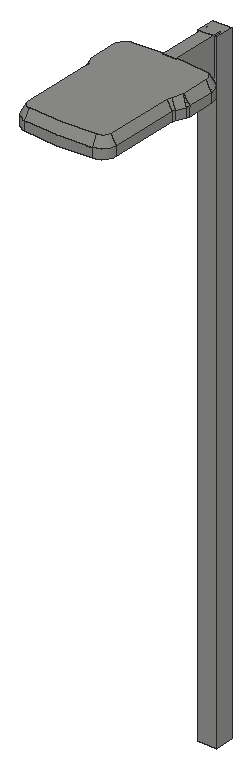
Revit family "VP-4-ADU", category Lighting Fixtures, host Face, Revit 2019 (continued)
Definition of nested family "SIZE4-ADU"
  Forms (in)
    Extrusion 49, solid, material <- "Glass"
      sketch origin (0.375, 0, -11.375) x (1, 0, 0) y (0, 0, 1)
        loop
          circle (-4.88455, 32.33694) r 0.15
        loop
          circle (-4.3658, 32.33694) r 0.15
        loop
          circle (-3.84705, 32.33694) r 0.15
        loop
          circle (-3.32831, 32.33694) r 0.15
        loop
          circle (-7.47829, 31.83694) r 0.15
        loop
          circle (-6.95955, 31.83694) r 0.15
        loop
          circle (-6.4408, 31.83694) r 0.15
        loop
          circle (-5.92205, 31.83694) r 0.15
        loop
          circle (-5.4033, 31.83694) r 0.15
        loop
          circle (-4.88455, 31.83694) r 0.15
        loop
          circle (-4.3658, 31.83694) r 0.15
        loop
          circle (-3.84705, 31.83694) r 0.15
        loop
          circle (-3.32831, 31.83694) r 0.15
        loop
          circle (-7.47829, 31.33694) r 0.15
        loop
          circle (-6.95955, 31.33694) r 0.15
        loop
          circle (-6.4408, 31.33694) r 0.15
        loop
          circle (-5.92205, 31.33694) r 0.15
        loop
          circle (-5.4033, 31.33694) r 0.15
        loop
          circle (-4.88455, 31.33694) r 0.15
        loop
          circle (-4.3658, 31.33694) r 0.15
        loop
          circle (-3.84705, 31.33694) r 0.15
        loop
          circle (-3.32831, 31.33694) r 0.15
        loop
          circle (-7.47829, 30.83694) r 0.15
        loop
          circle (-6.95955, 30.83694) r 0.15
        loop
          circle (-6.4408, 30.83694) r 0.15
        loop
          circle (-5.92205, 30.83694) r 0.15
        loop
          circle (-5.4033, 30.83694) r 0.15
        loop
          circle (-4.88455, 30.83694) r 0.15
        loop
          circle (-4.3658, 30.83694) r 0.15
        loop
          circle (-3.84705, 30.83694) r 0.15
        loop
          circle (-3.32831, 30.83694) r 0.15
        loop
          circle (-7.47829, 30.33694) r 0.15
        loop
          circle (-6.95955, 30.33694) r 0.15
        loop
          circle (-6.4408, 30.33694) r 0.15
        loop
          circle (-5.92205, 30.33694) r 0.15
        loop
          circle (-5.4033, 30.33694) r 0.15
        loop
          circle (-4.88455, 30.33694) r 0.15
        loop
          circle (-4.3658, 30.33694) r 0.15
        loop
          circle (-3.84705, 30.33694) r 0.15
        loop
          circle (-3.32831, 30.33694) r 0.15
        loop
          circle (-7.47829, 29.83694) r 0.15
        loop
          circle (-6.95955, 29.83694) r 0.15
        loop
          circle (-6.4408, 29.83694) r 0.15
        loop
          circle (-5.92205, 29.83694) r 0.15
        loop
          circle (-5.4033, 29.83694) r 0.15
        loop
          circle (-4.88455, 29.83694) r 0.15
        loop
          circle (-4.3658, 29.83694) r 0.15
        loop
          circle (-3.84705, 29.83694) r 0.15
        loop
          circle (-3.32831, 29.83694) r 0.15
        loop
          circle (-7.47829, 29.33694) r 0.15
        loop
          circle (-6.95955, 29.33694) r 0.15
        loop
          circle (-6.4408, 29.33694) r 0.15
        loop
          circle (-5.92205, 29.33694) r 0.15
        loop
          circle (-5.4033, 29.33694) r 0.15
        loop
          circle (-4.88455, 29.33694) r 0.15
        loop
          circle (-4.3658, 29.33694) r 0.15
        loop
          circle (-3.84705, 29.33694) r 0.15
        loop
          circle (-3.32831, 29.33694) r 0.15
        loop
          circle (-7.47829, 28.83694) r 0.15
        loop
          circle (-6.95955, 28.83694) r 0.15
        loop
          circle (-6.4408, 28.83694) r 0.15
        loop
          circle (-5.92205, 28.83694) r 0.15
        loop
          circle (-5.4033, 28.83694) r 0.15
        loop
          circle (-4.88455, 28.83694) r 0.15
        loop
          circle (-4.3658, 28.83694) r 0.15
        loop
          circle (-3.84705, 28.83694) r 0.15
        loop
          circle (-3.32831, 28.83694) r 0.15
        loop
          circle (-7.47829, 28.33694) r 0.15
        loop
          circle (-6.95955, 28.33694) r 0.15
        loop
          circle (-6.4408, 28.33694) r 0.15
        loop
          circle (-5.92205, 28.33694) r 0.15
        loop
          circle (-5.4033, 28.33694) r 0.15
        loop
          circle (-4.88455, 28.33694) r 0.15
        loop
          circle (-4.3658, 28.33694) r 0.15
        loop
          circle (-3.84705, 28.33694) r 0.15
        loop
          circle (-3.32831, 28.33694) r 0.15
      from 1.35 to 1.4
    Extrusion 50, solid, material <- "Glass"
      sketch origin (0, 0, -11.375) x (1, 0, 0) y (0, 0, 1)
        loop
          arc (-7.16655, 32.8409) -> (-7.34333, 32.76768) -> (-7.41655, 32.5909) r 0.25
          line (-7.41655, 32.5909) -> (-7.41655, 28.0909)
          arc (-7.41655, 28.0909) -> (-7.34333, 27.91412) -> (-7.16655, 27.8409) r 0.25
          line (-7.16655, 27.8409) -> (-2.81123, 27.8409)
          arc (-2.81123, 27.8409) -> (-2.63446, 27.91412) -> (-2.56123, 28.0909) r 0.25
          line (-2.56123, 28.0909) -> (-2.56123, 32.5909)
          arc (-2.56123, 32.5909) -> (-2.63446, 32.76768) -> (-2.81123, 32.8409) r 0.25
          line (-2.81123, 32.8409) -> (-7.16655, 32.8409)
      from 1.35 to 1.37213
    Extrusion 51, solid, material <- "Glass"
      sketch origin (-0.375, 0, -11.375) x (-1, 0, 0) y (0, 0, -1)
        loop
          circle (-7.47829, -32.33694) r 0.15
        loop
          circle (-6.95955, -32.33694) r 0.15
        loop
          circle (-6.4408, -32.33694) r 0.15
        loop
          circle (-5.92205, -32.33694) r 0.15
        loop
          circle (-5.4033, -32.33694) r 0.15
        loop
          circle (-4.88455, -32.33694) r 0.15
        loop
          circle (-4.3658, -32.33694) r 0.15
        loop
          circle (-3.84705, -32.33694) r 0.15
        loop
          circle (-3.32831, -32.33694) r 0.15
        loop
          circle (-7.47829, -31.83694) r 0.15
        loop
          circle (-6.95955, -31.83694) r 0.15
        loop
          circle (-6.4408, -31.83694) r 0.15
        loop
          circle (-5.92205, -31.83694) r 0.15
        loop
          circle (-5.4033, -31.83694) r 0.15
        loop
          circle (-4.88455, -31.83694) r 0.15
        loop
          circle (-4.3658, -31.83694) r 0.15
        loop
          circle (-3.84705, -31.83694) r 0.15
        loop
          circle (-3.32831, -31.83694) r 0.15
        loop
          circle (-7.47829, -31.33694) r 0.15
        loop
          circle (-6.95955, -31.33694) r 0.15
        loop
          circle (-6.4408, -31.33694) r 0.15
        loop
          circle (-5.92205, -31.33694) r 0.15
        loop
          circle (-5.4033, -31.33694) r 0.15
        loop
          circle (-4.88455, -31.33694) r 0.15
        loop
          circle (-4.3658, -31.33694) r 0.15
        loop
          circle (-3.84705, -31.33694) r 0.15
        loop
          circle (-3.32831, -31.33694) r 0.15
        loop
          circle (-7.47829, -30.83694) r 0.15
        loop
          circle (-6.95955, -30.83694) r 0.15
        loop
          circle (-6.4408, -30.83694) r 0.15
        loop
          circle (-5.92205, -30.83694) r 0.15
        loop
          circle (-5.4033, -30.83694) r 0.15
        loop
          circle (-4.88455, -30.83694) r 0.15
        loop
          circle (-4.3658, -30.83694) r 0.15
        loop
          circle (-3.84705, -30.83694) r 0.15
        loop
          circle (-3.32831, -30.83694) r 0.15
        loop
          circle (-7.47829, -30.33694) r 0.15
        loop
          circle (-6.95955, -30.33694) r 0.15
        loop
          circle (-6.4408, -30.33694) r 0.15
        loop
          circle (-5.92205, -30.33694) r 0.15
        loop
          circle (-5.4033, -30.33694) r 0.15
        loop
          circle (-4.88455, -30.33694) r 0.15
        loop
          circle (-4.3658, -30.33694) r 0.15
        loop
          circle (-3.84705, -30.33694) r 0.15
        loop
          circle (-3.32831, -30.33694) r 0.15
        loop
          circle (-7.47829, -29.83694) r 0.15
        loop
          circle (-6.95955, -29.83694) r 0.15
        loop
          circle (-6.4408, -29.83694) r 0.15
        loop
          circle (-5.92205, -29.83694) r 0.15
        loop
          circle (-5.4033, -29.83694) r 0.15
        loop
          circle (-4.88455, -29.83694) r 0.15
        loop
          circle (-4.3658, -29.83694) r 0.15
        loop
          circle (-3.84705, -29.83694) r 0.15
        loop
          circle (-3.32831, -29.83694) r 0.15
        loop
          circle (-7.47829, -29.33694) r 0.15
        loop
          circle (-6.95955, -29.33694) r 0.15
        loop
          circle (-6.4408, -29.33694) r 0.15
        loop
          circle (-5.92205, -29.33694) r 0.15
        loop
          circle (-5.4033, -29.33694) r 0.15
        loop
          circle (-4.88455, -29.33694) r 0.15
        loop
          circle (-4.3658, -29.33694) r 0.15
        loop
          circle (-3.84705, -29.33694) r 0.15
        loop
          circle (-3.32831, -29.33694) r 0.15
        loop
          circle (-7.47829, -28.83694) r 0.15
        loop
          circle (-6.95955, -28.83694) r 0.15
        loop
          circle (-6.4408, -28.83694) r 0.15
        loop
          circle (-5.92205, -28.83694) r 0.15
        loop
          circle (-5.4033, -28.83694) r 0.15
        loop
          circle (-4.88455, -28.83694) r 0.15
        loop
          circle (-4.3658, -28.83694) r 0.15
        loop
          circle (-3.84705, -28.83694) r 0.15
        loop
          circle (-3.32831, -28.83694) r 0.15
        loop
          circle (-7.47829, -28.33694) r 0.15
        loop
          circle (-6.95955, -28.33694) r 0.15
        loop
          circle (-6.4408, -28.33694) r 0.15
        loop
          circle (-5.92205, -28.33694) r 0.15
        loop
          circle (-5.4033, -28.33694) r 0.15
        loop
          circle (-4.88455, -28.33694) r 0.15
        loop
          circle (-4.3658, -28.33694) r 0.15
        loop
          circle (-3.84705, -28.33694) r 0.15
        loop
          circle (-3.32831, -28.33694) r 0.15
      from 1.35 to 1.4
    Extrusion 52, solid, material <- "Glass"
      sketch origin (0, 0, -11.375) x (-1, 0, 0) y (0, 0, -1)
        loop
          line (-7.16655, -32.8409) -> (-2.84181, -32.8409)
          arc (-2.84181, -32.8409) -> (-2.66504, -32.76768) -> (-2.59181, -32.5909) r 0.25
          line (-2.59181, -32.5909) -> (-2.59181, -28.0909)
          arc (-2.59181, -28.0909) -> (-2.66504, -27.91412) -> (-2.84181, -27.8409) r 0.25
          line (-2.84181, -27.8409) -> (-7.16655, -27.8409)
          arc (-7.16655, -27.8409) -> (-7.34333, -27.91412) -> (-7.41655, -28.0909) r 0.25
          line (-7.41655, -28.0909) -> (-7.41655, -32.5909)
          arc (-7.41655, -32.5909) -> (-7.34333, -32.76768) -> (-7.16655, -32.8409) r 0.25
      from 1.35 to 1.37213
    Extrusion 53, solid, material <- "Glass"
      sketch origin (-5.375, 0, -11.375) x (-1, 0, 0) y (0, 0, -1)
        loop
          circle (-7.47829, -32.33694) r 0.15
        loop
          circle (-6.95955, -32.33694) r 0.15
        loop
          circle (-6.4408, -32.33694) r 0.15
        loop
          circle (-5.92205, -32.33694) r 0.15
        loop
          circle (-5.4033, -32.33694) r 0.15
        loop
          circle (-4.88455, -32.33694) r 0.15
        loop
          circle (-4.3658, -32.33694) r 0.15
        loop
          circle (-3.84705, -32.33694) r 0.15
        loop
          circle (-3.32831, -32.33694) r 0.15
        loop
          circle (-7.47829, -31.83694) r 0.15
        loop
          circle (-6.95955, -31.83694) r 0.15
        loop
          circle (-6.4408, -31.83694) r 0.15
        loop
          circle (-5.92205, -31.83694) r 0.15
        loop
          circle (-5.4033, -31.83694) r 0.15
        loop
          circle (-4.88455, -31.83694) r 0.15
        loop
          circle (-4.3658, -31.83694) r 0.15
        loop
          circle (-3.84705, -31.83694) r 0.15
        loop
          circle (-3.32831, -31.83694) r 0.15
        loop
          circle (-7.47829, -31.33694) r 0.15
        loop
          circle (-6.95955, -31.33694) r 0.15
        loop
          circle (-6.4408, -31.33694) r 0.15
        loop
          circle (-5.92205, -31.33694) r 0.15
        loop
          circle (-5.4033, -31.33694) r 0.15
        loop
          circle (-4.88455, -31.33694) r 0.15
        loop
          circle (-4.3658, -31.33694) r 0.15
        loop
          circle (-3.84705, -31.33694) r 0.15
        loop
          circle (-3.32831, -31.33694) r 0.15
        loop
          circle (-7.47829, -30.83694) r 0.15
        loop
          circle (-6.95955, -30.83694) r 0.15
        loop
          circle (-6.4408, -30.83694) r 0.15
        loop
          circle (-5.92205, -30.83694) r 0.15
        loop
          circle (-5.4033, -30.83694) r 0.15
        loop
          circle (-4.88455, -30.83694) r 0.15
        loop
          circle (-4.3658, -30.83694) r 0.15
        loop
          circle (-3.84705, -30.83694) r 0.15
        loop
          circle (-3.32831, -30.83694) r 0.15
        loop
          circle (-7.47829, -30.33694) r 0.15
        loop
          circle (-6.95955, -30.33694) r 0.15
        loop
          circle (-6.4408, -30.33694) r 0.15
        loop
          circle (-5.92205, -30.33694) r 0.15
        loop
          circle (-5.4033, -30.33694) r 0.15
        loop
          circle (-4.88455, -30.33694) r 0.15
        loop
          circle (-4.3658, -30.33694) r 0.15
        loop
          circle (-3.84705, -30.33694) r 0.15
        loop
          circle (-3.32831, -30.33694) r 0.15
        loop
          circle (-7.47829, -29.83694) r 0.15
        loop
          circle (-6.95955, -29.83694) r 0.15
        loop
          circle (-6.4408, -29.83694) r 0.15
        loop
          circle (-5.92205, -29.83694) r 0.15
        loop
          circle (-5.4033, -29.83694) r 0.15
        loop
          circle (-4.88455, -29.83694) r 0.15
        loop
          circle (-4.3658, -29.83694) r 0.15
        loop
          circle (-3.84705, -29.83694) r 0.15
        loop
          circle (-3.32831, -29.83694) r 0.15
        loop
          circle (-7.47829, -29.33694) r 0.15
        loop
          circle (-6.95955, -29.33694) r 0.15
        loop
          circle (-6.4408, -29.33694) r 0.15
        loop
          circle (-5.92205, -29.33694) r 0.15
        loop
          circle (-5.4033, -29.33694) r 0.15
        loop
          circle (-4.88455, -29.33694) r 0.15
        loop
          circle (-4.3658, -29.33694) r 0.15
        loop
          circle (-3.84705, -29.33694) r 0.15
        loop
          circle (-3.32831, -29.33694) r 0.15
        loop
          circle (-7.47829, -28.83694) r 0.15
        loop
          circle (-6.95955, -28.83694) r 0.15
        loop
          circle (-6.4408, -28.83694) r 0.15
        loop
          circle (-5.92205, -28.83694) r 0.15
        loop
          circle (-5.4033, -28.83694) r 0.15
        loop
          circle (-4.88455, -28.83694) r 0.15
        loop
          circle (-4.3658, -28.83694) r 0.15
        loop
          circle (-3.84705, -28.83694) r 0.15
        loop
          circle (-3.32831, -28.83694) r 0.15
        loop
          circle (-7.47829, -28.33694) r 0.15
        loop
          circle (-6.95955, -28.33694) r 0.15
        loop
          circle (-6.4408, -28.33694) r 0.15
        loop
          circle (-5.92205, -28.33694) r 0.15
        loop
          circle (-5.4033, -28.33694) r 0.15
        loop
          circle (-4.88455, -28.33694) r 0.15
        loop
          circle (-4.3658, -28.33694) r 0.15
        loop
          circle (-3.84705, -28.33694) r 0.15
        loop
          circle (-3.32831, -28.33694) r 0.15
      from 1.35 to 1.4
    Extrusion 54, solid, material <- "Glass"
      sketch origin (-5, 0, -11.375) x (-1, 0, 0) y (0, 0, -1)
        loop
          line (-7.16655, -32.8409) -> (-2.84181, -32.8409)
          arc (-2.84181, -32.8409) -> (-2.66504, -32.76768) -> (-2.59181, -32.5909) r 0.25
          line (-2.59181, -32.5909) -> (-2.59181, -28.0909)
          arc (-2.59181, -28.0909) -> (-2.66504, -27.91412) -> (-2.84181, -27.8409) r 0.25
          line (-2.84181, -27.8409) -> (-7.16655, -27.8409)
          arc (-7.16655, -27.8409) -> (-7.34333, -27.91412) -> (-7.41655, -28.0909) r 0.25
          line (-7.41655, -28.0909) -> (-7.41655, -32.5909)
          arc (-7.41655, -32.5909) -> (-7.34333, -32.76768) -> (-7.16655, -32.8409) r 0.25
      from 1.35 to 1.37213
    Extrusion 55, solid, material <- "Fixture"
      sketch origin (0.125, 0, 2.5) x (1, 0, 0) y (0, 0, 1)
        loop
          arc (8.61601, 29.87811) -> (7.91353, 31.61742) -> (6.20018, 32.38102) r 2.50448
          arc (6.20018, 32.38102) -> (-0.18326, 32.81078) -> (-6.56625, 32.37421) r 47.24839
          arc (-6.56625, 32.37421) -> (-8.20342, 31.57512) -> (-8.86601, 29.87811) r 2.50448
          line (-8.86601, 29.87811) -> (-8.86601, 16.83541)
          arc (-8.86601, 16.83541) -> (-8.89448, 16.52871) -> (-8.97892, 16.2325) r 1.66606
          line (-8.97892, 16.2325) -> (-9.6766, 14.43524)
          arc (-9.6766, 14.43524) -> (-9.74427, 14.21755) -> (-9.78142, 13.99263) r 1.65645
          line (-9.78142, 13.99263) -> (-9.78142, 8.65741)
          arc (-9.78142, 8.65741) -> (-8.97209, 6.60779) -> (-6.98078, 5.66404) r 3
          arc (-6.98078, 5.66404) -> (0.01001, 4.99965) -> (7.00057, 5.66642) r 37.04471
          arc (7.00057, 5.66642) -> (8.81758, 6.67941) -> (9.53886, 8.63067) r 3
          line (9.53886, 8.63067) -> (9.53886, 13.83581)
          arc (9.53886, 13.83581) -> (9.51055, 14.14073) -> (9.4266, 14.43524) r 1.65645
          line (9.4266, 14.43524) -> (8.72892, 16.2325)
          arc (8.72892, 16.2325) -> (8.64448, 16.52871) -> (8.61601, 16.83541) r 1.66606
          line (8.61601, 16.83541) -> (8.61601, 29.87811)
      from 0 to 1.74
    Blend 56, solid, material <- "Fixture"
      base sketch origin (0, 0, 0) x (1, 0, 0) y (0, 0, 1)
        loop
          arc (-9.5516, 16.93524) -> (-9.61927, 16.71755) -> (-9.65642, 16.49263) r 1.65645
          line (-9.65642, 16.49263) -> (-9.65642, 11.15741)
          arc (-9.65642, 11.15741) -> (-8.84709, 9.10779) -> (-6.85578, 8.16404) r 3
          arc (-6.85578, 8.16404) -> (0.13501, 7.49965) -> (7.12557, 8.16642) r 37.04471
          arc (7.12557, 8.16642) -> (8.94258, 9.17941) -> (9.66386, 11.13067) r 3
          line (9.66386, 11.13067) -> (9.66386, 16.33581)
          arc (9.66386, 16.33581) -> (9.63555, 16.64073) -> (9.5516, 16.93524) r 1.65645
          line (9.5516, 16.93524) -> (8.85392, 18.7325)
          arc (8.85392, 18.7325) -> (8.76948, 19.02871) -> (8.74101, 19.33541) r 1.66606
          line (8.74101, 19.33541) -> (8.74101, 32.37811)
          arc (8.74101, 32.37811) -> (8.03853, 34.11742) -> (6.32518, 34.88102) r 2.50448
          arc (6.32518, 34.88102) -> (-0.05826, 35.31078) -> (-6.44125, 34.87421) r 47.24839
          arc (-6.44125, 34.87421) -> (-8.07842, 34.07512) -> (-8.74101, 32.37811) r 2.50448
          line (-8.74101, 32.37811) -> (-8.74101, 19.33541)
          arc (-8.74101, 19.33541) -> (-8.76948, 19.02871) -> (-8.85392, 18.7325) r 1.66606
          line (-8.85392, 18.7325) -> (-9.5516, 16.93524)
      top sketch origin (0, 0, 0) x (1, 0, 0) y (0, 0, 1)
        loop
          line (-8.65642, 16.43436) -> (-8.65642, 11.15741)
          arc (-8.65642, 11.15741) -> (-8.09764, 9.77073) -> (-6.73353, 9.1589) r 2
          arc (-6.73353, 9.1589) -> (0.1108, 8.49965) -> (6.95577, 9.15209) r 36.04471
          arc (6.95577, 9.15209) -> (8.17777, 9.82373) -> (8.66386, 11.13067) r 2
          line (8.66386, 11.13067) -> (8.66386, 16.33581)
          arc (8.66386, 16.33581) -> (8.65264, 16.45665) -> (8.61937, 16.57336) r 0.65645
          line (8.61937, 16.57336) -> (7.9217, 18.37062)
          arc (7.9217, 18.37062) -> (7.78657, 18.84463) -> (7.74101, 19.33541) r 2.66606
          line (7.74101, 19.33541) -> (7.74101, 32.37811)
          arc (7.74101, 32.37811) -> (7.3037, 33.43858) -> (6.246, 33.88256) r 1.50448
          arc (6.246, 33.88256) -> (-0.04498, 34.31079) -> (-6.33575, 33.87932) r 46.24839
          arc (-6.33575, 33.87932) -> (-7.33487, 33.40626) -> (-7.74101, 32.37811) r 1.50448
          line (-7.74101, 32.37811) -> (-7.74101, 19.33541)
          arc (-7.74101, 19.33541) -> (-7.78657, 18.84463) -> (-7.9217, 18.37062) r 2.66606
          line (-7.9217, 18.37062) -> (-8.61937, 16.57336)
          arc (-8.61937, 16.57336) -> (-8.64172, 16.50488) -> (-8.65642, 16.43436) r 0.65645
      from 0 to -1.74
    Extrusion 57, solid, material <- "Fixture"
      sketch origin (0, 0, 0) x (0, 1, 0) y (0, 0, 1)
        loop
          line (1.74, 8.94049) -> (-1.74, 8.94049) -> (-1.74, 5.73801)
          arc (-1.74, 5.73801) -> (-1.91356, 4.61037) -> (-2.41818, 3.5871) r 3.75
          line (-2.41818, 3.5871) -> (-5.31007, 1.22439)
          arc (-5.31007, 1.22439) -> (-5.39997, 1.10958) -> (-5.432, 0.96732) r 0.33196
          line (-5.432, 0.96732) -> (-5.432, -1.406) -> (-2.86955, -1.406) -> (1.74, -1.406) -> (1.74, 8.94049)
      from -1.24 to 1.24
  Cuts and joins
    Extrusion 2, Extrusion 40 cuts Extrusion 55
    joined: Extrusion 55, Extrusion 57
  Dimensions and locks (in)
    equal spacing: plane 4, plane 3 "Center (Left/Right)", plane 5
    "Width": plane 4 to plane 5
    "Length": plane 7 to plane 6
    "Mount Length": plane 6 to plane 2
    aligned and locked: plane 2 to Extrusion 1
    aligned and locked: level to Extrusion 1
  Automatic sketch dimensions
    Extrusion 1 sketch curve to Extrusion 1 sketch curve = 96.00"  (x2)
    plane 5 to Extrusion 2 sketch curve = 1.40392"
    plane 3 "Center (Left/Right)" to Extrusion 2 sketch curve = 0.06506"
    Extrusion 2 sketch curve to plane 4 = 1.25"
    Extrusion 2 sketch curve to level = 39.4018"
    plane 6 to Extrusion 2 sketch curve = 7.65635"
    Extrusion 2 sketch curve to plane 7 = 2.31818"
    plane 5 to Extrusion 3 sketch curve = 2.15013"
    Extrusion 3 sketch curve to Extrusion 3 sketch curve = 0.35"  (x3)
    Extrusion 3 sketch curve to plane 4 = 2.50013"  (x2)
    Extrusion 3 sketch curve to plane 7 = 8.31818"
    Extrusion 3 sketch curve to plane 7 = 3.16818"
    plane 5 to Extrusion 4 sketch curve = 2.70671"
    Extrusion 4 sketch curve to Extrusion 4 sketch curve = 0.00"  (x61)
    Extrusion 4 sketch curve to Extrusion 4 sketch curve = 0.51875"  (x27)
    Extrusion 4 sketch curve to plane 7 = 7.51806"
    Extrusion 4 sketch curve to Extrusion 4 sketch curve = 0.50"  (x72)
    plane 5 to Extrusion 5 sketch curve = 2.39345"
    Extrusion 5 sketch curve to Extrusion 5 sketch curve = 0.25"  (x3)
    Extrusion 5 sketch curve to plane 3 "Center (Left/Right)" = 2.81123"  (x2)
    Extrusion 5 sketch curve to plane 7 = 8.0141"
    Extrusion 5 sketch curve to plane 7 = 3.2641"
    Extrusion 6 sketch curve to plane 4 = 2.12307"
    Extrusion 6 sketch curve to plane 8 = 0.46661"
    Extrusion 6 sketch curve to Extrusion 6 sketch curve = 0.02618"
    Extrusion 6 sketch curve to Extrusion 6 sketch curve = 0.1119"
    Extrusion 6 sketch curve to plane 8 = 0.03691"
    Extrusion 6 sketch curve to Extrusion 6 sketch curve = 0.36056"
    Extrusion 6 sketch curve to plane 8 = 0.00781"
    Extrusion 6 sketch curve to Extrusion 6 sketch curve = 0.06241"
    Extrusion 6 sketch curve to Extrusion 6 sketch curve = 0.42393"
    Extrusion 6 sketch curve to Extrusion 6 sketch curve = 0.73219"
    plane 4 to Extrusion 7 sketch curve = 2.70671"
    Extrusion 7 sketch curve to Extrusion 7 sketch curve = 0.00"  (x61)
    Extrusion 7 sketch curve to Extrusion 7 sketch curve = 0.51875"  (x27)
    plane 7 to Extrusion 7 sketch curve = 7.51806"
    Extrusion 7 sketch curve to Extrusion 7 sketch curve = 0.50"  (x72)
    plane 4 to Extrusion 8 sketch curve = 2.39345"
    Extrusion 8 sketch curve to Extrusion 8 sketch curve = 0.25"  (x3)
    Extrusion 8 sketch curve to plane 3 "Center (Left/Right)" = 2.84181"  (x2)
    plane 7 to Extrusion 8 sketch curve = 8.0141"
    plane 7 to Extrusion 8 sketch curve = 3.2641"
    plane 5 to Extrusion 9 sketch curve = 2.15013"
    Extrusion 9 sketch curve to Extrusion 9 sketch curve = 0.35"  (x3)
    Extrusion 9 sketch curve to plane 4 = 2.50013"  (x2)
    Extrusion 9 sketch curve to plane 7 = 13.81818"
    Extrusion 9 sketch curve to Extrusion 9 sketch curve = 4.80"
    Extrusion 10 sketch curve to plane 5 = 2.15013"
    Extrusion 10 sketch curve to Extrusion 10 sketch curve = 0.35"  (x3)
    plane 4 to Extrusion 10 sketch curve = 2.50013"  (x2)
    plane 7 to Extrusion 10 sketch curve = 13.81818"
    Extrusion 10 sketch curve to Extrusion 10 sketch curve = 4.80"
    Extrusion 11 sketch curve to plane 4 = 2.12307"
    Extrusion 11 sketch curve to plane 8 = 0.46661"
    Extrusion 11 sketch curve to Extrusion 11 sketch curve = 0.02618"
    Extrusion 11 sketch curve to Extrusion 11 sketch curve = 0.1119"
    Extrusion 11 sketch curve to plane 8 = 0.03691"
    Extrusion 11 sketch curve to Extrusion 11 sketch curve = 0.36056"
    Extrusion 11 sketch curve to plane 8 = 0.00781"
    Extrusion 11 sketch curve to Extrusion 11 sketch curve = 0.06241"
    Extrusion 11 sketch curve to Extrusion 11 sketch curve = 0.42393"
    Extrusion 11 sketch curve to Extrusion 11 sketch curve = 0.73219"
    Extrusion 12 sketch curve to plane 4 = 2.12307"
    Extrusion 12 sketch curve to plane 8 = 0.46661"
    Extrusion 12 sketch curve to Extrusion 12 sketch curve = 0.02618"
    Extrusion 12 sketch curve to Extrusion 12 sketch curve = 0.1119"
    Extrusion 12 sketch curve to plane 8 = 0.03691"
    Extrusion 12 sketch curve to Extrusion 12 sketch curve = 0.36056"
    Extrusion 12 sketch curve to plane 8 = 0.00781"
    Extrusion 12 sketch curve to Extrusion 12 sketch curve = 0.06241"
    Extrusion 12 sketch curve to Extrusion 12 sketch curve = 0.42393"
    Extrusion 12 sketch curve to Extrusion 12 sketch curve = 0.73219"
    Extrusion 13 sketch curve to plane 4 = 2.12307"
    Extrusion 13 sketch curve to plane 8 = 0.46661"
    Extrusion 13 sketch curve to Extrusion 13 sketch curve = 0.02618"
    Extrusion 13 sketch curve to Extrusion 13 sketch curve = 0.08572"
    Extrusion 13 sketch curve to plane 8 = 0.03691"
    Extrusion 13 sketch curve to Extrusion 13 sketch curve = 0.36056"
    Extrusion 13 sketch curve to plane 8 = 0.00781"
    Extrusion 13 sketch curve to Extrusion 13 sketch curve = 0.06241"
    Extrusion 13 sketch curve to Extrusion 13 sketch curve = 0.42393"
    Extrusion 13 sketch curve to Extrusion 13 sketch curve = 0.73219"
    Extrusion 14 sketch curve to plane 4 = 2.12307"
    Extrusion 14 sketch curve to plane 8 = 0.46661"
    Extrusion 14 sketch curve to Extrusion 14 sketch curve = 0.02618"
    Extrusion 14 sketch curve to Extrusion 14 sketch curve = 0.1119"
    Extrusion 14 sketch curve to plane 8 = 0.03691"
    Extrusion 14 sketch curve to Extrusion 14 sketch curve = 0.36056"
    Extrusion 14 sketch curve to plane 8 = 0.00781"
    Extrusion 14 sketch curve to Extrusion 14 sketch curve = 0.06241"
    Extrusion 14 sketch curve to Extrusion 14 sketch curve = 0.42393"
    Extrusion 14 sketch curve to Extrusion 14 sketch curve = 0.73219"
    Extrusion 15 sketch curve to plane 4 = 2.12307"
    Extrusion 15 sketch curve to plane 8 = 0.46661"
    Extrusion 15 sketch curve to Extrusion 15 sketch curve = 0.02618"
    Extrusion 15 sketch curve to Extrusion 15 sketch curve = 0.1119"
    Extrusion 15 sketch curve to plane 8 = 0.03691"
    Extrusion 15 sketch curve to Extrusion 15 sketch curve = 0.36056"
    Extrusion 15 sketch curve to plane 8 = 0.00781"
    Extrusion 15 sketch curve to Extrusion 15 sketch curve = 0.06241"
    Extrusion 15 sketch curve to Extrusion 15 sketch curve = 0.42393"
    Extrusion 15 sketch curve to Extrusion 15 sketch curve = 0.73219"
    Extrusion 16 sketch curve to plane 4 = 2.12307"
    Extrusion 16 sketch curve to plane 8 = 0.46661"
    Extrusion 16 sketch curve to Extrusion 16 sketch curve = 0.02618"
    Extrusion 16 sketch curve to Extrusion 16 sketch curve = 0.1119"
    Extrusion 16 sketch curve to plane 8 = 0.03691"
    Extrusion 16 sketch curve to Extrusion 16 sketch curve = 0.36056"
    Extrusion 16 sketch curve to plane 8 = 0.00781"
    Extrusion 16 sketch curve to Extrusion 16 sketch curve = 0.06241"
    Extrusion 16 sketch curve to Extrusion 16 sketch curve = 0.42393"
    Extrusion 16 sketch curve to Extrusion 16 sketch curve = 0.73219"
    Extrusion 17 sketch curve to plane 4 = 2.12307"
    Extrusion 17 sketch curve to plane 8 = 0.46661"
    Extrusion 17 sketch curve to Extrusion 17 sketch curve = 0.02618"
    Extrusion 17 sketch curve to Extrusion 17 sketch curve = 0.1119"
    Extrusion 17 sketch curve to plane 8 = 0.03691"
    Extrusion 17 sketch curve to Extrusion 17 sketch curve = 0.36056"
    Extrusion 17 sketch curve to plane 8 = 0.00781"
    Extrusion 17 sketch curve to Extrusion 17 sketch curve = 0.06241"
    Extrusion 17 sketch curve to Extrusion 17 sketch curve = 0.42393"
    Extrusion 17 sketch curve to Extrusion 17 sketch curve = 0.73219"
    Extrusion 18 sketch curve to plane 4 = 2.12307"
    Extrusion 18 sketch curve to plane 8 = 0.46661"
    Extrusion 18 sketch curve to Extrusion 18 sketch curve = 0.02618"
    Extrusion 18 sketch curve to Extrusion 18 sketch curve = 0.1119"
    Extrusion 18 sketch curve to plane 8 = 0.03691"
    Extrusion 18 sketch curve to Extrusion 18 sketch curve = 0.36056"
    Extrusion 18 sketch curve to plane 8 = 0.00781"
    Extrusion 18 sketch curve to Extrusion 18 sketch curve = 0.06241"
    Extrusion 18 sketch curve to Extrusion 18 sketch curve = 0.42393"
    Extrusion 18 sketch curve to Extrusion 18 sketch curve = 0.73219"
    Extrusion 19 sketch curve to plane 4 = 2.12307"
    Extrusion 19 sketch curve to plane 8 = 0.46661"
    Extrusion 19 sketch curve to Extrusion 19 sketch curve = 0.02618"
    Extrusion 19 sketch curve to Extrusion 19 sketch curve = 0.1119"
    Extrusion 19 sketch curve to plane 8 = 0.03691"
    Extrusion 19 sketch curve to Extrusion 19 sketch curve = 0.36056"
    Extrusion 19 sketch curve to plane 8 = 0.00781"
    Extrusion 19 sketch curve to Extrusion 19 sketch curve = 0.06241"
    Extrusion 19 sketch curve to Extrusion 19 sketch curve = 0.42393"
    Extrusion 19 sketch curve to Extrusion 19 sketch curve = 0.73219"
    Extrusion 20 sketch curve to plane 4 = 2.12307"
    Extrusion 20 sketch curve to plane 8 = 0.46661"
    Extrusion 20 sketch curve to Extrusion 20 sketch curve = 0.02618"
    Extrusion 20 sketch curve to Extrusion 20 sketch curve = 0.1119"
    Extrusion 20 sketch curve to plane 8 = 0.03691"
    Extrusion 20 sketch curve to Extrusion 20 sketch curve = 0.36056"
    Extrusion 20 sketch curve to plane 8 = 0.00781"
    Extrusion 20 sketch curve to Extrusion 20 sketch curve = 0.06241"
    Extrusion 20 sketch curve to Extrusion 20 sketch curve = 0.42393"
    Extrusion 20 sketch curve to Extrusion 20 sketch curve = 0.73219"
    Extrusion 21 sketch curve to plane 4 = 2.12307"
    Extrusion 21 sketch curve to plane 8 = 0.46661"
    Extrusion 21 sketch curve to Extrusion 21 sketch curve = 0.02618"
    Extrusion 21 sketch curve to Extrusion 21 sketch curve = 0.08572"
    Extrusion 21 sketch curve to plane 8 = 0.03691"
    Extrusion 21 sketch curve to Extrusion 21 sketch curve = 0.36056"
    Extrusion 21 sketch curve to plane 8 = 0.00781"
    Extrusion 21 sketch curve to Extrusion 21 sketch curve = 0.06241"
    Extrusion 21 sketch curve to Extrusion 21 sketch curve = 0.42393"
    Extrusion 21 sketch curve to Extrusion 21 sketch curve = 0.73219"
    Extrusion 22 sketch curve to plane 4 = 2.12307"
    Extrusion 22 sketch curve to plane 8 = 0.46661"
    Extrusion 22 sketch curve to Extrusion 22 sketch curve = 0.02618"
    Extrusion 22 sketch curve to Extrusion 22 sketch curve = 0.1119"
    Extrusion 22 sketch curve to plane 8 = 0.03691"
    Extrusion 22 sketch curve to Extrusion 22 sketch curve = 0.36056"
    Extrusion 22 sketch curve to plane 8 = 0.00781"
    Extrusion 22 sketch curve to Extrusion 22 sketch curve = 0.06241"
    Extrusion 22 sketch curve to Extrusion 22 sketch curve = 0.42393"
    Extrusion 22 sketch curve to Extrusion 22 sketch curve = 0.73219"
    Extrusion 23 sketch curve to plane 4 = 2.12307"
    Extrusion 23 sketch curve to plane 8 = 0.46661"
    Extrusion 23 sketch curve to Extrusion 23 sketch curve = 0.02618"
    Extrusion 23 sketch curve to Extrusion 23 sketch curve = 0.08572"
    Extrusion 23 sketch curve to plane 8 = 0.03691"
    Extrusion 23 sketch curve to Extrusion 23 sketch curve = 0.36056"
    Extrusion 23 sketch curve to plane 8 = 0.00781"
    Extrusion 23 sketch curve to Extrusion 23 sketch curve = 0.06241"
    Extrusion 23 sketch curve to Extrusion 23 sketch curve = 0.42393"
    Extrusion 23 sketch curve to Extrusion 23 sketch curve = 0.73219"
    Extrusion 24 sketch curve to plane 4 = 2.12307"
    Extrusion 24 sketch curve to plane 8 = 0.46661"
    Extrusion 24 sketch curve to Extrusion 24 sketch curve = 0.02618"
    Extrusion 24 sketch curve to Extrusion 24 sketch curve = 0.1119"
    Extrusion 24 sketch curve to plane 8 = 0.03691"
    Extrusion 24 sketch curve to Extrusion 24 sketch curve = 0.36056"
    Extrusion 24 sketch curve to plane 8 = 0.00781"
    Extrusion 24 sketch curve to Extrusion 24 sketch curve = 0.06241"
    Extrusion 24 sketch curve to Extrusion 24 sketch curve = 0.42393"
    Extrusion 24 sketch curve to Extrusion 24 sketch curve = 0.73219"
    plane 5 to Extrusion 25 sketch curve = 2.2012"
    Extrusion 25 sketch curve to plane 8 = 0.46661"
    Extrusion 25 sketch curve to Extrusion 25 sketch curve = 0.02618"
    Extrusion 25 sketch curve to Extrusion 25 sketch curve = 0.1119"
    Extrusion 25 sketch curve to plane 8 = 0.03691"
    Extrusion 25 sketch curve to Extrusion 25 sketch curve = 0.36056"
    Extrusion 25 sketch curve to plane 8 = 0.00781"
    Extrusion 25 sketch curve to Extrusion 25 sketch curve = 0.06241"
    Extrusion 25 sketch curve to Extrusion 25 sketch curve = 0.42393"
    Extrusion 25 sketch curve to Extrusion 25 sketch curve = 0.20146"
    plane 5 to Extrusion 26 sketch curve = 2.2012"
    Extrusion 26 sketch curve to plane 8 = 0.46661"
    Extrusion 26 sketch curve to Extrusion 26 sketch curve = 0.02618"
    Extrusion 26 sketch curve to Extrusion 26 sketch curve = 0.08572"
    Extrusion 26 sketch curve to plane 8 = 0.03691"
    Extrusion 26 sketch curve to Extrusion 26 sketch curve = 0.36056"
    Extrusion 26 sketch curve to plane 8 = 0.00781"
    Extrusion 26 sketch curve to Extrusion 26 sketch curve = 0.06241"
    Extrusion 26 sketch curve to Extrusion 26 sketch curve = 0.42393"
    Extrusion 26 sketch curve to Extrusion 26 sketch curve = 0.20146"
    plane 5 to Extrusion 27 sketch curve = 2.2012"
    Extrusion 27 sketch curve to plane 8 = 0.46661"
    Extrusion 27 sketch curve to Extrusion 27 sketch curve = 0.02618"
    Extrusion 27 sketch curve to Extrusion 27 sketch curve = 0.08572"
    Extrusion 27 sketch curve to plane 8 = 0.03691"
    Extrusion 27 sketch curve to Extrusion 27 sketch curve = 0.36056"
    Extrusion 27 sketch curve to plane 8 = 0.00781"
    Extrusion 27 sketch curve to Extrusion 27 sketch curve = 0.06241"
    Extrusion 27 sketch curve to Extrusion 27 sketch curve = 0.42393"
    Extrusion 27 sketch curve to Extrusion 27 sketch curve = 0.20146"
    plane 5 to Extrusion 28 sketch curve = 2.2012"
    Extrusion 28 sketch curve to plane 8 = 0.46661"
    Extrusion 28 sketch curve to Extrusion 28 sketch curve = 0.02618"
    Extrusion 28 sketch curve to Extrusion 28 sketch curve = 0.1119"
    Extrusion 28 sketch curve to plane 8 = 0.03691"
    Extrusion 28 sketch curve to Extrusion 28 sketch curve = 0.36056"
    Extrusion 28 sketch curve to plane 8 = 0.00781"
    Extrusion 28 sketch curve to Extrusion 28 sketch curve = 0.06241"
    Extrusion 28 sketch curve to Extrusion 28 sketch curve = 0.42393"
    Extrusion 28 sketch curve to Extrusion 28 sketch curve = 0.20146"
    plane 5 to Extrusion 29 sketch curve = 2.2012"
    Extrusion 29 sketch curve to plane 8 = 0.46661"
    Extrusion 29 sketch curve to Extrusion 29 sketch curve = 0.02618"
    Extrusion 29 sketch curve to Extrusion 29 sketch curve = 0.1119"
    Extrusion 29 sketch curve to plane 8 = 0.03691"
    Extrusion 29 sketch curve to Extrusion 29 sketch curve = 0.36056"
    Extrusion 29 sketch curve to plane 8 = 0.00781"
    Extrusion 29 sketch curve to Extrusion 29 sketch curve = 0.06241"
    Extrusion 29 sketch curve to Extrusion 29 sketch curve = 0.42393"
    Extrusion 29 sketch curve to Extrusion 29 sketch curve = 0.20146"
    plane 5 to Extrusion 30 sketch curve = 2.2012"
    Extrusion 30 sketch curve to plane 8 = 0.46661"
    Extrusion 30 sketch curve to Extrusion 30 sketch curve = 0.02618"
    Extrusion 30 sketch curve to Extrusion 30 sketch curve = 0.1119"
    Extrusion 30 sketch curve to plane 8 = 0.03691"
    Extrusion 30 sketch curve to Extrusion 30 sketch curve = 0.36056"
    Extrusion 30 sketch curve to plane 8 = 0.00781"
    Extrusion 30 sketch curve to Extrusion 30 sketch curve = 0.06241"
    Extrusion 30 sketch curve to Extrusion 30 sketch curve = 0.42393"
    Extrusion 30 sketch curve to Extrusion 30 sketch curve = 0.20146"
    plane 5 to Extrusion 31 sketch curve = 2.2012"
    Extrusion 31 sketch curve to plane 8 = 0.46661"
    Extrusion 31 sketch curve to Extrusion 31 sketch curve = 0.02618"
    Extrusion 31 sketch curve to Extrusion 31 sketch curve = 0.1119"
    Extrusion 31 sketch curve to plane 8 = 0.03691"
    Extrusion 31 sketch curve to Extrusion 31 sketch curve = 0.36056"
    Extrusion 31 sketch curve to plane 8 = 0.00781"
    Extrusion 31 sketch curve to Extrusion 31 sketch curve = 0.06241"
    Extrusion 31 sketch curve to Extrusion 31 sketch curve = 0.42393"
    Extrusion 31 sketch curve to Extrusion 31 sketch curve = 0.20146"
    plane 5 to Extrusion 32 sketch curve = 2.2012"
    Extrusion 32 sketch curve to plane 8 = 0.46661"
    Extrusion 32 sketch curve to Extrusion 32 sketch curve = 0.02618"
    Extrusion 32 sketch curve to Extrusion 32 sketch curve = 0.08572"
    Extrusion 32 sketch curve to plane 8 = 0.03691"
    Extrusion 32 sketch curve to Extrusion 32 sketch curve = 0.36056"
    Extrusion 32 sketch curve to plane 8 = 0.00781"
    Extrusion 32 sketch curve to Extrusion 32 sketch curve = 0.06241"
    Extrusion 32 sketch curve to Extrusion 32 sketch curve = 0.42393"
    Extrusion 32 sketch curve to Extrusion 32 sketch curve = 0.20146"
    plane 5 to Extrusion 33 sketch curve = 2.2012"
    Extrusion 33 sketch curve to plane 8 = 0.46661"
    Extrusion 33 sketch curve to Extrusion 33 sketch curve = 0.02618"
    Extrusion 33 sketch curve to Extrusion 33 sketch curve = 0.1119"
    Extrusion 33 sketch curve to plane 8 = 0.03691"
    Extrusion 33 sketch curve to Extrusion 33 sketch curve = 0.36056"
    Extrusion 33 sketch curve to plane 8 = 0.00781"
    Extrusion 33 sketch curve to Extrusion 33 sketch curve = 0.06241"
    Extrusion 33 sketch curve to Extrusion 33 sketch curve = 0.42393"
    Extrusion 33 sketch curve to Extrusion 33 sketch curve = 0.20146"
    plane 5 to Extrusion 34 sketch curve = 2.2012"
    Extrusion 34 sketch curve to plane 8 = 0.46661"
    Extrusion 34 sketch curve to Extrusion 34 sketch curve = 0.02618"
    Extrusion 34 sketch curve to Extrusion 34 sketch curve = 0.08572"
    Extrusion 34 sketch curve to plane 8 = 0.03691"
    Extrusion 34 sketch curve to Extrusion 34 sketch curve = 0.36056"
    Extrusion 34 sketch curve to plane 8 = 0.00781"
    Extrusion 34 sketch curve to Extrusion 34 sketch curve = 0.06241"
    Extrusion 34 sketch curve to Extrusion 34 sketch curve = 0.42393"
    Extrusion 34 sketch curve to Extrusion 34 sketch curve = 0.20146"
    plane 5 to Extrusion 35 sketch curve = 2.2012"
    Extrusion 35 sketch curve to plane 8 = 0.46661"
    Extrusion 35 sketch curve to Extrusion 35 sketch curve = 0.02618"
    Extrusion 35 sketch curve to Extrusion 35 sketch curve = 0.1119"
    Extrusion 35 sketch curve to plane 8 = 0.03691"
    Extrusion 35 sketch curve to Extrusion 35 sketch curve = 0.36056"
    Extrusion 35 sketch curve to plane 8 = 0.00781"
    Extrusion 35 sketch curve to Extrusion 35 sketch curve = 0.06241"
    Extrusion 35 sketch curve to Extrusion 35 sketch curve = 0.42393"
    Extrusion 35 sketch curve to Extrusion 35 sketch curve = 0.20146"
    plane 5 to Extrusion 36 sketch curve = 2.2012"
    Extrusion 36 sketch curve to plane 8 = 0.46661"
    Extrusion 36 sketch curve to Extrusion 36 sketch curve = 0.02618"
    Extrusion 36 sketch curve to Extrusion 36 sketch curve = 0.1119"
    Extrusion 36 sketch curve to plane 8 = 0.03691"
    Extrusion 36 sketch curve to Extrusion 36 sketch curve = 0.36056"
    Extrusion 36 sketch curve to plane 8 = 0.00781"
    Extrusion 36 sketch curve to Extrusion 36 sketch curve = 0.06241"
    Extrusion 36 sketch curve to Extrusion 36 sketch curve = 0.42393"
    Extrusion 36 sketch curve to Extrusion 36 sketch curve = 0.20146"
    plane 5 to Extrusion 37 sketch curve = 2.2012"
    Extrusion 37 sketch curve to plane 8 = 0.46661"
    Extrusion 37 sketch curve to Extrusion 37 sketch curve = 0.02618"
    Extrusion 37 sketch curve to Extrusion 37 sketch curve = 0.1119"
    Extrusion 37 sketch curve to plane 8 = 0.03691"
    Extrusion 37 sketch curve to Extrusion 37 sketch curve = 0.36056"
    Extrusion 37 sketch curve to plane 8 = 0.00781"
    Extrusion 37 sketch curve to Extrusion 37 sketch curve = 0.06241"
    Extrusion 37 sketch curve to Extrusion 37 sketch curve = 0.42393"
    Extrusion 37 sketch curve to Extrusion 37 sketch curve = 0.20146"
    plane 5 to Extrusion 38 sketch curve = 2.2012"
    Extrusion 38 sketch curve to plane 8 = 0.46661"
    Extrusion 38 sketch curve to Extrusion 38 sketch curve = 0.02618"
    Extrusion 38 sketch curve to Extrusion 38 sketch curve = 0.08572"
    Extrusion 38 sketch curve to plane 8 = 0.03691"
    Extrusion 38 sketch curve to Extrusion 38 sketch curve = 0.36056"
    Extrusion 38 sketch curve to plane 8 = 0.00781"
    Extrusion 38 sketch curve to Extrusion 38 sketch curve = 0.06241"
    Extrusion 38 sketch curve to Extrusion 38 sketch curve = 0.42393"
    Extrusion 38 sketch curve to Extrusion 38 sketch curve = 0.20146"
    plane 5 to Extrusion 39 sketch curve = 2.2012"
    Extrusion 39 sketch curve to plane 8 = 0.46661"
    Extrusion 39 sketch curve to Extrusion 39 sketch curve = 0.02618"
    Extrusion 39 sketch curve to Extrusion 39 sketch curve = 0.1119"
    Extrusion 39 sketch curve to plane 8 = 0.03691"
    Extrusion 39 sketch curve to Extrusion 39 sketch curve = 0.36056"
    Extrusion 39 sketch curve to plane 8 = 0.00781"
    Extrusion 39 sketch curve to Extrusion 39 sketch curve = 0.06241"
    Extrusion 39 sketch curve to Extrusion 39 sketch curve = 0.42393"
    Extrusion 39 sketch curve to Extrusion 39 sketch curve = 0.20146"
    plane 5 to Extrusion 40 sketch curve = 1.10793"
    plane 5 to Extrusion 40 sketch curve = 1.19965"
    Extrusion 40 sketch curve to Extrusion 40 sketch curve = 0.00"  (x2)
    Extrusion 40 sketch curve to plane 3 "Center (Left/Right)" = 0.00354"  (x6)
    Extrusion 40 sketch curve to plane 4 = 1.32465"
    Extrusion 40 sketch curve to plane 4 = 1.24"
    plane 6 to Extrusion 40 sketch curve = 3.30595"
    level to Extrusion 40 sketch curve = 10.85354"
    Extrusion 40 sketch curve to Extrusion 40 sketch curve = 0.27147"  (x2)
    Extrusion 40 sketch curve to Extrusion 40 sketch curve = 0.27118"  (x2)
    Extrusion 40 sketch curve to Extrusion 40 sketch curve = 0.47853"
    Extrusion 40 sketch curve to Extrusion 40 sketch curve = 0.47882"
    Extrusion 40 sketch curve to Extrusion 40 sketch curve = 1.01281"
    Extrusion 40 sketch curve to Extrusion 40 sketch curve = 1.01649"
    Extrusion 40 sketch curve to Extrusion 40 sketch curve = 1.00"  (x2)
    Extrusion 41 sketch curve to plane 3 "Center (Left/Right)" = 2.10329"
    Extrusion 41 sketch curve to Extrusion 41 sketch curve = 0.00"  (x51)
    Extrusion 41 sketch curve to Extrusion 41 sketch curve = 0.51875"  (x19)
    Extrusion 41 sketch curve to plane 3 "Center (Left/Right)" = 0.0283"  (x9)
    plane 3 "Center (Left/Right)" to Extrusion 41 sketch curve = 0.49045"  (x9)
    plane 7 to Extrusion 41 sketch curve = 7.51806"
    Extrusion 41 sketch curve to Extrusion 41 sketch curve = 0.50"  (x72)
    Extrusion 42 sketch curve to plane 3 "Center (Left/Right)" = 2.41655"
    Extrusion 42 sketch curve to Extrusion 42 sketch curve = 0.25"  (x3)
    plane 3 "Center (Left/Right)" to Extrusion 42 sketch curve = 2.15819"  (x2)
    plane 7 to Extrusion 42 sketch curve = 8.0141"
    plane 7 to Extrusion 42 sketch curve = 3.2641"
    plane 5 to Extrusion 43 sketch curve = 2.70671"
    Extrusion 43 sketch curve to Extrusion 43 sketch curve = 0.00"  (x61)
    Extrusion 43 sketch curve to Extrusion 43 sketch curve = 0.51875"  (x27)
    Extrusion 43 sketch curve to plane 7 = 13.01806"
    Extrusion 43 sketch curve to Extrusion 43 sketch curve = 0.50"  (x72)
    plane 5 to Extrusion 44 sketch curve = 2.39345"
    Extrusion 44 sketch curve to Extrusion 44 sketch curve = 0.25"  (x3)
    Extrusion 44 sketch curve to plane 3 "Center (Left/Right)" = 2.81123"  (x2)
    Extrusion 44 sketch curve to plane 7 = 13.5141"
    Extrusion 44 sketch curve to Extrusion 44 sketch curve = 4.50"
    plane 4 to Extrusion 45 sketch curve = 2.70671"
    Extrusion 45 sketch curve to Extrusion 45 sketch curve = 0.00"  (x61)
    Extrusion 45 sketch curve to Extrusion 45 sketch curve = 0.51875"  (x27)
    plane 7 to Extrusion 45 sketch curve = 13.01806"
    Extrusion 45 sketch curve to Extrusion 45 sketch curve = 0.50"  (x72)
    plane 4 to Extrusion 46 sketch curve = 2.39345"
    Extrusion 46 sketch curve to Extrusion 46 sketch curve = 0.25"  (x3)
    Extrusion 46 sketch curve to plane 3 "Center (Left/Right)" = 2.84181"  (x2)
    plane 7 to Extrusion 46 sketch curve = 13.5141"
    Extrusion 46 sketch curve to Extrusion 46 sketch curve = 4.50"
    Extrusion 47 sketch curve to plane 3 "Center (Left/Right)" = 2.10329"
    Extrusion 47 sketch curve to Extrusion 47 sketch curve = 0.00"  (x51)
    Extrusion 47 sketch curve to Extrusion 47 sketch curve = 0.51875"  (x19)
    Extrusion 47 sketch curve to plane 3 "Center (Left/Right)" = 0.0283"  (x9)
    plane 3 "Center (Left/Right)" to Extrusion 47 sketch curve = 0.49045"  (x9)
    plane 7 to Extrusion 47 sketch curve = 13.01806"
    Extrusion 47 sketch curve to Extrusion 47 sketch curve = 0.50"  (x72)
    Extrusion 48 sketch curve to plane 3 "Center (Left/Right)" = 2.41655"
    Extrusion 48 sketch curve to Extrusion 48 sketch curve = 0.25"  (x3)
    plane 3 "Center (Left/Right)" to Extrusion 48 sketch curve = 2.15819"  (x2)
    plane 7 to Extrusion 48 sketch curve = 13.5141"
    Extrusion 48 sketch curve to Extrusion 48 sketch curve = 4.50"
    plane 5 to Extrusion 49 sketch curve = 2.70671"
    Extrusion 49 sketch curve to Extrusion 49 sketch curve = 0.00"  (x61)
    Extrusion 49 sketch curve to Extrusion 49 sketch curve = 0.51875"  (x27)
    plane 6 to Extrusion 49 sketch curve = 9.46194"
    Extrusion 49 sketch curve to Extrusion 49 sketch curve = 0.50"  (x72)
    plane 5 to Extrusion 50 sketch curve = 2.39345"
    Extrusion 50 sketch curve to Extrusion 50 sketch curve = 0.25"  (x3)
    Extrusion 50 sketch curve to plane 3 "Center (Left/Right)" = 2.81123"  (x2)
    plane 6 to Extrusion 50 sketch curve = 8.9659"
    Extrusion 50 sketch curve to Extrusion 50 sketch curve = 4.50"
    plane 4 to Extrusion 51 sketch curve = 2.70671"
    Extrusion 51 sketch curve to Extrusion 51 sketch curve = 0.00"  (x61)
    Extrusion 51 sketch curve to Extrusion 51 sketch curve = 0.51875"  (x27)
    Extrusion 51 sketch curve to plane 6 = 9.46194"
    Extrusion 51 sketch curve to Extrusion 51 sketch curve = 0.50"  (x72)
    plane 4 to Extrusion 52 sketch curve = 2.39345"
    Extrusion 52 sketch curve to Extrusion 52 sketch curve = 0.25"  (x3)
    Extrusion 52 sketch curve to plane 3 "Center (Left/Right)" = 2.84181"  (x2)
    Extrusion 52 sketch curve to plane 6 = 8.9659"
    Extrusion 52 sketch curve to Extrusion 52 sketch curve = 4.50"
    Extrusion 53 sketch curve to plane 3 "Center (Left/Right)" = 2.10329"
    Extrusion 53 sketch curve to Extrusion 53 sketch curve = 0.00"  (x51)
    Extrusion 53 sketch curve to Extrusion 53 sketch curve = 0.51875"  (x19)
    Extrusion 53 sketch curve to plane 3 "Center (Left/Right)" = 0.0283"  (x9)
    plane 3 "Center (Left/Right)" to Extrusion 53 sketch curve = 0.49045"  (x9)
    Extrusion 53 sketch curve to plane 6 = 9.46194"
    Extrusion 53 sketch curve to Extrusion 53 sketch curve = 0.50"  (x72)
    Extrusion 54 sketch curve to plane 3 "Center (Left/Right)" = 2.41655"
    Extrusion 54 sketch curve to Extrusion 54 sketch curve = 0.25"  (x3)
    plane 3 "Center (Left/Right)" to Extrusion 54 sketch curve = 2.15819"  (x2)
    Extrusion 54 sketch curve to plane 6 = 8.9659"
    Extrusion 54 sketch curve to Extrusion 54 sketch curve = 4.50"
    Extrusion 55 sketch curve to plane 5 = 0.59706"
    plane 5 to Extrusion 55 sketch curve = 0.2584"
    plane 5 to Extrusion 55 sketch curve = 0.95608"
    plane 5 to Extrusion 55 sketch curve = 1.06899"
    Extrusion 55 sketch curve to Extrusion 55 sketch curve = 1.54418"
    plane 5 to Extrusion 55 sketch curve = 3.15358"
    Extrusion 55 sketch curve to Extrusion 55 sketch curve = 2.50448"
    Extrusion 55 sketch curve to plane 3 "Center (Left/Right)" = 0.03305"
    plane 3 "Center (Left/Right)" to Extrusion 55 sketch curve = 0.12872"
    Extrusion 55 sketch curve to plane 4 = 3.57348"
    Extrusion 55 sketch curve to plane 4 = 3.14614"
    Extrusion 55 sketch curve to plane 4 = 1.80258"
    Extrusion 55 sketch curve to plane 4 = 1.06899"
    Extrusion 55 sketch curve to Extrusion 55 sketch curve = 0.11292"
    Extrusion 55 sketch curve to plane 4 = 0.2584"
    Extrusion 55 sketch curve to plane 4 = 0.14614"
    plane 4 to Extrusion 55 sketch curve = 0.59706"
    Extrusion 55 sketch curve to level = 11.9376"
    plane 6 to Extrusion 55 sketch curve = 3.63067"
    plane 6 to Extrusion 55 sketch curve = 3.65741"
    Extrusion 55 sketch curve to Extrusion 55 sketch curve = 5.17839"
    Extrusion 55 sketch curve to Extrusion 55 sketch curve = 5.20513"
    Extrusion 55 sketch curve to Extrusion 55 sketch curve = 0.44261"
    Extrusion 55 sketch curve to Extrusion 55 sketch curve = 1.79726"  (x2)
    Extrusion 55 sketch curve to plane 7 = 3.10189"
    Extrusion 55 sketch curve to Extrusion 55 sketch curve = 13.0427"
    plane 7 to Extrusion 55 sketch curve = 9.06436"
    plane 5 to Extrusion 55 sketch curve = 0.15358"
    plane 6 to Extrusion 55 sketch curve = 0.66404"
    Extrusion 55 sketch curve to plane 7 = 0.60579"
    Blend 56 sketch curve to plane 5 = 0.59706"  (x2)
    plane 5 to Blend 56 sketch curve = 0.15358"
    plane 5 to Blend 56 sketch curve = 0.2584"
    plane 5 to Blend 56 sketch curve = 0.95608"
    Blend 56 sketch curve to Blend 56 sketch curve = 0.11292"  (x2)
    Blend 56 sketch curve to Blend 56 sketch curve = 1.64901"
    Blend 56 sketch curve to Blend 56 sketch curve = 3.00"
    Blend 56 sketch curve to Blend 56 sketch curve = 2.50448"
    Blend 56 sketch curve to plane 3 "Center (Left/Right)" = 0.03305"  (x2)
    plane 3 "Center (Left/Right)" to Blend 56 sketch curve = 0.12872"  (x2)
    Blend 56 sketch curve to plane 4 = 3.57348"  (x2)
    Blend 56 sketch curve to plane 4 = 3.14614"  (x2)
    Blend 56 sketch curve to plane 4 = 1.80258"  (x2)
    Blend 56 sketch curve to plane 4 = 1.06899"
    Blend 56 sketch curve to plane 4 = 0.2584"
    Blend 56 sketch curve to plane 4 = 0.14614"
    plane 4 to Blend 56 sketch curve = 0.59706"  (x2)
    Blend 56 sketch curve to level = 11.9376"  (x2)
    plane 6 to Blend 56 sketch curve = 3.63067"  (x2)
    level to Blend 56 sketch curve = 11.15741"  (x2)
    Blend 56 sketch curve to Blend 56 sketch curve = 5.17839"  (x2)
    Blend 56 sketch curve to Blend 56 sketch curve = 5.20513"  (x2)
    Blend 56 sketch curve to Blend 56 sketch curve = 0.15682"
    Blend 56 sketch curve to Blend 56 sketch curve = 1.79726"  (x4)
    Blend 56 sketch curve to plane 7 = 3.10189"  (x2)
    Blend 56 sketch curve to Blend 56 sketch curve = 0.00"  (x2)
    plane 7 to Blend 56 sketch curve = 9.06436"  (x2)
    plane 6 to Blend 56 sketch curve = 0.66404"
    Blend 56 sketch curve to plane 7 = 0.60579"
    plane 5 to Blend 56 sketch curve = 1.15358"
    Blend 56 sketch curve to Blend 56 sketch curve = 0.03705"
    Blend 56 sketch curve to Blend 56 sketch curve = 0.64901"
    plane 5 to Blend 56 sketch curve = 1.8883"
    plane 5 to Blend 56 sketch curve = 2.06899"
    Blend 56 sketch curve to Blend 56 sketch curve = 2.00"
    Blend 56 sketch curve to Blend 56 sketch curve = 1.50448"
    Blend 56 sketch curve to plane 4 = 2.06899"
    Blend 56 sketch curve to Blend 56 sketch curve = 0.18069"
    Blend 56 sketch curve to Blend 56 sketch curve = 0.61196"
    Blend 56 sketch curve to plane 4 = 1.14614"
    Blend 56 sketch curve to Blend 56 sketch curve = 0.09855"
    Blend 56 sketch curve to Blend 56 sketch curve = 0.0771"
    Blend 56 sketch curve to Blend 56 sketch curve = 0.09922"
    Extrusion 57 sketch curve to plane 8 = 0.00"
    Extrusion 57 sketch curve to plane 9 = 0.00"
    plane 8 to Extrusion 57 sketch curve = 0.67818"
    plane 8 to Extrusion 57 sketch curve = 1.12955"
    level to Extrusion 57 sketch curve = 0.96732"
    Extrusion 57 sketch curve to Extrusion 57 sketch curve = 2.23049"
    level to Extrusion 57 sketch curve = 1.22439"
    Extrusion 57 sketch curve to Extrusion 57 sketch curve = 0.21003"
    Extrusion 57 sketch curve to plane 6 = 1.76199"
    Extrusion 57 sketch curve to Extrusion 57 sketch curve = 3.75"
    Extrusion 57 sketch curve to level = 1.406"
    plane 6 to Extrusion 57 sketch curve = 1.44049"
    radius of Extrusion 4 sketch curve = 0.15"  (x81)
    radius of Extrusion 7 sketch curve = 0.15"  (x81)
    radius of Extrusion 41 sketch curve = 0.15"  (x81)
    radius of Extrusion 43 sketch curve = 0.15"  (x81)
    radius of Extrusion 45 sketch curve = 0.15"  (x81)
    radius of Extrusion 47 sketch curve = 0.15"  (x81)
    radius of Extrusion 49 sketch curve = 0.15"  (x81)
    radius of Extrusion 51 sketch curve = 0.15"  (x81)
    radius of Extrusion 53 sketch curve = 0.15"  (x81)
